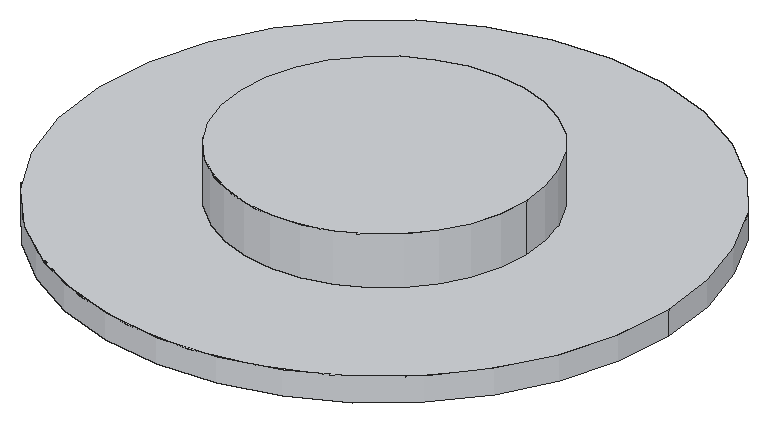
Revit family "Family1", category Fire Alarm Devices, Revit 2016
Family settings
  Maintain Annotation Orientation = No
  Part Type = Normal
  Round Connector Dimension = Use Diameter
  OmniClass Number = 23.85.30.21
  OmniClass Title = Environmental Detection/Registration
  Work Plane-Based = Yes
  Always vertical = No
  Cut with Voids When Loaded = No
  Shared = No
  Room Calculation Point = No
Parameters
  Default Elevation = 1219.2 mm
Reference planes
  plane 1 "Center (Front/Back)": y = 0
  plane 2: z = 0
  plane 3 "Center (Left/Right)": x = 0
Forms (mm)
  Extrusion 1, solid
    sketch origin (0, 0, 0) x (1, 0, 0) y (0, 1, 0)
      loop
        circle (0, 0) r 120
    from 0 to 10
  Extrusion 2, solid
    sketch origin (0, 0, 0) x (1, 0, 0) y (0, 1, 0)
      loop
        circle (0, 0) r 60
    from 0 to 30
